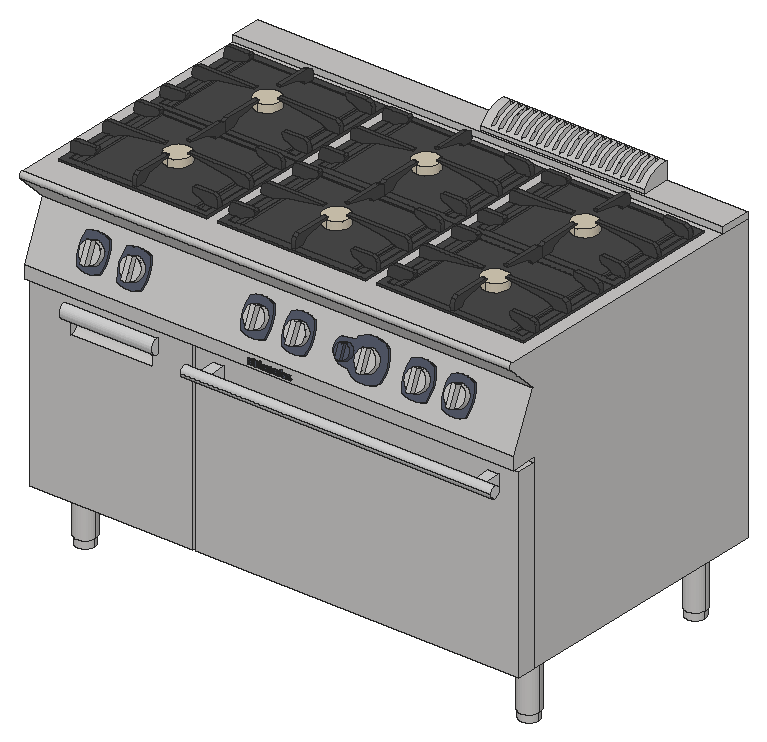
Revit family "QF_ELECTROLUXPROFESSIONAL_371005_E7GCGL6C10", category Specialty Equipment, Revit 2018
Family settings
  Round Connector Dimension = Use Diameter
  Part Type = Normal
  Work Plane-Based = No
  Always vertical = Yes
  Cut with Voids When Loaded = No
  Shared = No
  Room Calculation Point = No
Parameters
  Width = 1200 mm  # constant formula
  Weight in Pounds = 265  # constant formula
  Watts = 0 W
  URL Cutsheet = "www.electrolux.com"
  URL = "www.electrolux.com"
  Type Mark [instance] = ""
  Status [instance] = ""
  Specification by User [instance] = ""
  Specification by Manufacturer = ""
  Show Logo [instance] = yes
  Show Clearance [instance] = yes
  Serial Number = ""
  Seismic Rating = ""
  SMACNA No = ""
  Revision Code [instance] = ""
  Omniclass Number and Title = ""
  NAFEM Spec ID Number = ""
  Model = "371005"
  Mechanical Remarks [instance] = ""
  Mechanical Connection Type [instance] = ""
  Masterspec = ""
  Manufacturer = "ELECTROLUX"
  Item Number [instance] = ""
  Installed By [instance] = ""
  Identify Quantity as Lot [instance] = yes
  Height = 908.9 mm  # constant formula
  HP = "0 HP"
  Gas Size = 12.7 mm  # 1/2"
  Gas RI Height [instance] = 0 mm
  Gas KW [instance] = 39  # constant formula
  Gas Input [instance] = 0.0 Btu/h
  Gas Connection Height = 0 mm
  Furnished By [instance] = ""
  Foodservice Equipment Identifier [instance] = yes
  Direct Waste Size = 0"
  Description = "700XP 6-Burner Gas Range on Gas Oven Cupboard"
  Depth = 730 mm  # constant formula
  CSI MasterFormat = ""
  CSI Master Format = ""
  Assembly Code = ""
Reference planes
  plane 1 "BACK": y = 0
  plane 2: z = 0
  plane 3 "LEFT": x = 0
  plane 4 "RIGHT": x = 1200
  plane 5 "FRONT": y = -700
  plane 6 "TOP": z = 908.9
  plane 7 "Center Y": x = 600
  plane 8 "Center X": y = -350
  plane 9 "Base": z = 150
  plane 10: z = 850.9
  plane 11: y = -730
  plane 12: y = -1109
Forms (mm)
  Revolve 1, solid, material "QF_Finishes_Stainless Steel"
    sketch origin (1, -90, 0) x (1, 0, 0) y (0, 0, 1)
      loop
        line (55, 0) -> (55, 150) -> (29.6, 150) -> (29.6, 19.05) -> (32.1, 19.05) -> (32.1, 0) -> (55, 0)
      axis (55, 0) -> (55, 150)
    angle from 0 to 360
  Revolve 2, solid, material "QF_Finishes_Stainless Steel"
    sketch origin (1, -599.588, 0) x (1, 0, 0) y (0, 0, 1)
      loop
        line (55, 0) -> (55, 150) -> (29.6, 150) -> (29.6, 19.05) -> (32.1, 19.05) -> (32.1, 0) -> (55, 0)
      axis (55, 0) -> (55, 150)
    angle from 0 to 360
  Revolve 3, solid, material "QF_Finishes_Stainless Steel"
    sketch origin (799, -90, 0) x (-1, 0, 0) y (0, 0, -1)
      loop
        line (-345, 0) -> (-367.9, 0) -> (-367.9, -19.05) -> (-370.4, -19.05) -> (-370.4, -150) -> (-345, -150) -> (-345, 0)
      axis (-345, 0) -> (-345, -150)
    angle from 0 to 360
  Revolve 4, solid, material "QF_Finishes_Stainless Steel"
    sketch origin (799, -599.588, 0) x (-1, 0, 0) y (0, 0, -1)
      loop
        line (-345, 0) -> (-367.9, 0) -> (-367.9, -19.05) -> (-370.4, -19.05) -> (-370.4, -150) -> (-345, -150) -> (-345, 0)
      axis (-345, 0) -> (-345, -150)
    angle from 0 to 360
  Extrusion 5, solid, material "QF_Finishes_Stainless Steel"
    sketch origin (0, 0, 576.213) x (0, 1, 0) y (0, 0, 1)
      loop
        line (0, -426.213) -> (0, 274.687) -> (-721.37, 274.687)
        arc (-721.37, 274.687) -> (-729.343, 269.36) -> (-727.472, 259.956) r 8.63
        line (-727.472, 259.956) -> (-658.266, 190.62) -> (-715.833, 65.264) -> (-715.833, 33.966) -> (-655.839, 38.662)
        arc (-655.839, 38.662) -> (-653.314, 37.914) -> (-652.222, 35.518) r 3.175
        line (-652.222, 35.518) -> (-652.222, -426.213) -> (0, -426.213)
    from 0 to 1200
  Extrusion 6, solid, material "QF_Finishes_Stainless Steel"
    sketch origin (0, -652.222, 611.731) x (0, 0, -1) y (1, 0, 0)
      loop
        line (461.731, 408.5) -> (461.731, 1200) -> (9.61, 1200) -> (9.61, 408.5) -> (461.731, 408.5)
      loop
        line (461.731, 0) -> (461.731, 400.5) -> (9.61, 400.5) -> (9.61, 0) -> (461.731, 0)
      loop
        line (95.781, 100.253) -> (95.781, 300.8) -> (44.981, 300.8) -> (44.981, 100.253) -> (95.781, 100.253)
    from 3.175 to 47.778
  Extrusion 7, solid, material "QF_Finishes_Stainless Steel"
    sketch origin (0, 0, 576.213) x (0, 1, 0) y (0, 0, 1)
      loop
        line (0, 274.687) -> (0, 288.975) -> (-76.2, 288.975) -> (-76.2, 274.687) -> (0, 274.687)
    from 0 to 1200
  Extrusion 8, solid, material "QF_Finishes_Stainless Steel"
    sketch origin (0, 0, 150) x (-1, 0, 0) y (0, -1, 0)
      loop
        circle (-1147.613, 464) r 6.35
    from -8.815 to 7.722
  Extrusion 9, solid, material "QF_Finishes_Door Clearance", visible <- "Show Clearance", detail levels coarse
    sketch origin (0, 0, 0) x (0, 1, 0) y (0, 0, 1)
      loop
        line (-1109, 150) -> (-700, 150) -> (-700, 601.405)
        arc (-700, 601.405) -> (-991.543, 454.568) -> (-1109, 150) r 453.603
    from 0 to 1200
  Extrusion 10, solid, material "QF_Finishes_Clearance", visible <- "Show Clearance", detail levels coarse
    sketch origin (0, 0, 0) x (1, 0, 0) y (0, 1, 0)
      loop
        line (-150, -730) -> (0, -730) -> (0, 0) -> (1200, 0) -> (1200, -730) -> (1350, -730) -> (1350, 150) -> (-150, 150) -> (-150, -730)
    from 0 to 908.85
  Extrusion 11, solid, material "QF_Finishes_Handrails and Railings"
    sketch origin (400, 0, 0) x (0, 1, 0) y (0, 0, 1)
      loop
        line (-700, 580.001) -> (-738.549, 577.296)
        arc (-738.549, 577.296) -> (-739.742, 563.489) -> (-752.852, 558.993) r 12.7
        arc (-752.852, 558.993) -> (-752.311, 558.176) -> (-751.712, 557.401) r 13.441
        arc (-751.712, 557.401) -> (-749.907, 555.955) -> (-747.679, 555.335) r 5.77
        line (-747.679, 555.335) -> (-700, 551.992) -> (-700, 580.001)
    from 50.8 to 76.2
  Extrusion 12, solid, material "QF_Finishes_Handrails and Railings"
    sketch origin (1200, 0, 0) x (0, 1, 0) y (0, 0, -1)
      loop
        line (-700, -580.001) -> (-700, -551.992) -> (-747.679, -555.335)
        arc (-747.679, -555.335) -> (-749.907, -555.955) -> (-751.712, -557.401) r 5.77
        arc (-751.712, -557.401) -> (-752.311, -558.176) -> (-752.852, -558.993) r 13.441
        arc (-752.852, -558.993) -> (-739.742, -563.489) -> (-738.549, -577.296) r 12.7
        line (-738.549, -577.296) -> (-700, -580.001)
    from 50.8 to 76.2
  Extrusion 13, solid, material "QF_Finishes_Handrails and Railings"
    sketch origin (400, 0, 0) x (0, 1, 0) y (0, 0, 1)
      loop
        circle (-749.749, 571.309) r 12.7
    from 19.875 to 780.125
  Extrusion 14, solid, material "QF_Finishes_Handrails and Railings"
    sketch origin (177.525, -443.896, 1933.213) x (0, 0.885087, 0.465426) y (0, -0.465426, 0.885087)
      loop
        arc (-854.629, -1074.965) -> (-878.641, -1082.427) -> (-871.18, -1106.439) r 17.78
        line (-871.18, -1106.439) -> (-854.629, -1074.965)
    from -89.972 to 135.975
  Extrusion 15, solid, material "QF_Finishes_Stainless Steel"
    sketch origin (-22.5, 0, 28.959) x (0, 1, 0) y (0, 0, 1)
      loop
        line (-700, 486.991) -> (-657.087, 486.991) -> (-657.087, 537.791) -> (-678.147, 537.791) -> (-678.147, 511.464)
        arc (-678.147, 511.464) -> (-684.405, 495.059) -> (-700, 486.991) r 24.63
    from 122.753 to 323.3
  Extrusion 16, solid, material "QF_Finishes_Navy Blue"
    sketch origin (405.244, -713.772, 646.186) x (0, 0.418102, 0.9084) y (-1, 0, 0)
      loop
        arc (102.623, -510.47) -> (67.041, -502.846) -> (31.333, -509.853) r 90.5
        arc (31.333, -509.853) -> (24.507, -539.04) -> (31.333, -568.228) r 65.817
        arc (31.333, -568.228) -> (67.04, -575.188) -> (102.623, -567.615) r 91.066
        arc (102.623, -567.615) -> (109.179, -539.043) -> (102.623, -510.47) r 65.546
    from 0 to 3.175
  Extrusion 17, solid, material "QF_Finishes_Stainless Steel"
    sketch origin (783.994, -717.485, 645.711) x (0, 0.418102, 0.9084) y (-1, 0, 0)
      loop
        circle (68.826, -160.963) r 25.4
    from 0 to 12.7
  Extrusion 18, solid, material "QF_Finishes_Stainless Steel"
    sketch origin (783.994, -729.022, 651.021) x (0, 0.418102, 0.9084) y (-1, 0, 0)
      loop
        arc (93.558, -166.749) -> (94.226, -160.963) -> (93.558, -155.177) r 25.4
        line (93.558, -155.177) -> (44.094, -155.177)
        arc (44.094, -155.177) -> (43.426, -160.963) -> (44.094, -166.749) r 25.4
        line (44.094, -166.749) -> (93.558, -166.749)
    from 0 to 12.7
  Extrusion 19, solid, material "QF_Finishes_Navy Blue"
    sketch origin (282.787, -713.772, 646.186) x (0, 0.418102, 0.9084) y (-1, 0, 0)
      loop
        arc (104.355, -502.587) -> (101.326, -501.258) -> (98.25, -500.039) r 91.066
        arc (98.25, -500.039) -> (96.592, -482.449) -> (93.213, -465.107) r 179.528
        arc (93.213, -465.107) -> (69.244, -452.795) -> (45.274, -465.107) r 29.489
        arc (45.274, -465.107) -> (38.909, -481.441) -> (37.449, -498.912) r 61.044
        arc (37.449, -498.912) -> (34.471, -499.962) -> (31.532, -501.116) r 91.066
        arc (31.532, -501.116) -> (19.517, -540.223) -> (32.929, -578.873) r 65.817
        arc (32.929, -578.873) -> (68.105, -585.173) -> (102.996, -577.452) r 91.066
        arc (102.996, -577.452) -> (115.418, -540.233) -> (104.355, -502.587) r 65.546
    from 0 to 3.175
  Extrusion 20, solid, material "QF_Finishes_Stainless Steel"
    sketch origin (661.537, -717.485, 645.711) x (0, 0.418102, 0.9084) y (-1, 0, 0)
      loop
        circle (68.826, -160.963) r 25.4
    from 0 to 12.7
  Extrusion 21, solid, material "QF_Finishes_Stainless Steel"
    sketch origin (661.537, -729.022, 651.021) x (0, 0.418102, 0.9084) y (-1, 0, 0)
      loop
        arc (93.558, -166.749) -> (94.226, -160.963) -> (93.558, -155.177) r 25.4
        line (93.558, -155.177) -> (44.094, -155.177)
        arc (44.094, -155.177) -> (43.426, -160.963) -> (44.094, -166.749) r 25.4
        line (44.094, -166.749) -> (93.558, -166.749)
    from 0 to 12.7
  Extrusion 22, solid, material "QF_Finishes_Navy Blue"
    sketch origin (604.037, -717.485, 645.711) x (0, 0.418102, 0.9084) y (-1, 0, 0)
      loop
        circle (68.826, -160.963) r 18.37
    from 0 to 12.7
  Extrusion 23, solid, material "QF_Finishes_Navy Blue"
    sketch origin (602.746, -729.022, 651.021) x (0, 0.418102, 0.9084) y (-1, 0, 0)
      loop
        arc (84.808, -167.687) -> (85.476, -161.901) -> (84.808, -156.114) r 25.4
        line (84.808, -156.114) -> (52.844, -156.114)
        arc (52.844, -156.114) -> (52.176, -161.901) -> (52.844, -167.687) r 25.4
        line (52.844, -167.687) -> (84.808, -167.687)
    from 0 to 8.112
  Extrusion 24, solid, material "QF_Finishes_Navy Blue"
    sketch origin (-392.256, -713.772, 646.186) x (0, 0.418102, 0.9084) y (-1, 0, 0)
      loop
        arc (102.623, -510.47) -> (67.041, -502.846) -> (31.333, -509.853) r 90.5
        arc (31.333, -509.853) -> (24.507, -539.04) -> (31.333, -568.228) r 65.817
        arc (31.333, -568.228) -> (67.04, -575.188) -> (102.623, -567.615) r 91.066
        arc (102.623, -567.615) -> (109.179, -539.043) -> (102.623, -510.47) r 65.546
    from 0 to 3.175
  Extrusion 25, solid, material "QF_Finishes_Stainless Steel"
    sketch origin (-13.506, -717.485, 645.711) x (0, 0.418102, 0.9084) y (-1, 0, 0)
      loop
        circle (68.826, -160.963) r 25.4
    from 0 to 12.7
  Extrusion 26, solid, material "QF_Finishes_Stainless Steel"
    sketch origin (-13.506, -729.022, 651.021) x (0, 0.418102, 0.9084) y (-1, 0, 0)
      loop
        arc (93.558, -166.749) -> (94.226, -160.963) -> (93.558, -155.177) r 25.4
        line (93.558, -155.177) -> (44.094, -155.177)
        arc (44.094, -155.177) -> (43.426, -160.963) -> (44.094, -166.749) r 25.4
        line (44.094, -166.749) -> (93.558, -166.749)
    from 0 to 12.7
  Extrusion 27, solid, material "QF_Finishes_Navy Blue"
    sketch origin (-292.256, -713.772, 646.186) x (0, 0.418102, 0.9084) y (-1, 0, 0)
      loop
        arc (102.623, -510.47) -> (67.041, -502.846) -> (31.333, -509.853) r 90.5
        arc (31.333, -509.853) -> (24.507, -539.04) -> (31.333, -568.228) r 65.817
        arc (31.333, -568.228) -> (67.04, -575.188) -> (102.623, -567.615) r 91.066
        arc (102.623, -567.615) -> (109.179, -539.043) -> (102.623, -510.47) r 65.546
    from 0 to 3.175
  Extrusion 28, solid, material "QF_Finishes_Stainless Steel"
    sketch origin (86.494, -717.485, 645.711) x (0, 0.418102, 0.9084) y (-1, 0, 0)
      loop
        circle (68.826, -160.963) r 25.4
    from 0 to 12.7
  Extrusion 29, solid, material "QF_Finishes_Stainless Steel"
    sketch origin (86.494, -729.022, 651.021) x (0, 0.418102, 0.9084) y (-1, 0, 0)
      loop
        arc (93.558, -166.749) -> (94.226, -160.963) -> (93.558, -155.177) r 25.4
        line (93.558, -155.177) -> (44.094, -155.177)
        arc (44.094, -155.177) -> (43.426, -160.963) -> (44.094, -166.749) r 25.4
        line (44.094, -166.749) -> (93.558, -166.749)
    from 0 to 12.7
  Extrusion 30, void
    sketch origin (-62.611, 0, 865.138) x (-1, 0, 0) y (0, -1, 0)
      loop
        line (-695.005, 6.761) -> (-685.709, 6.761) -> (-685.709, 63.911) -> (-695.005, 63.911) -> (-695.005, 6.761)
      loop
        line (-713.697, 6.761) -> (-704.401, 6.761) -> (-704.401, 63.911) -> (-713.697, 63.911) -> (-713.697, 6.761)
      loop
        line (-732.39, 6.761) -> (-723.094, 6.761) -> (-723.094, 63.911) -> (-732.39, 63.911) -> (-732.39, 6.761)
      loop
        line (-751.082, 6.761) -> (-741.787, 6.761) -> (-741.787, 63.911) -> (-751.082, 63.911) -> (-751.082, 6.761)
      loop
        line (-769.775, 6.761) -> (-760.479, 6.761) -> (-760.479, 63.911) -> (-769.775, 63.911) -> (-769.775, 6.761)
      loop
        line (-788.468, 6.761) -> (-779.172, 6.761) -> (-779.172, 63.911) -> (-788.468, 63.911) -> (-788.468, 6.761)
      loop
        line (-807.16, 6.761) -> (-797.864, 6.761) -> (-797.864, 63.911) -> (-807.16, 63.911) -> (-807.16, 6.761)
      loop
        line (-825.853, 6.761) -> (-816.557, 6.761) -> (-816.557, 63.911) -> (-825.853, 63.911) -> (-825.853, 6.761)
      loop
        line (-844.545, 6.761) -> (-835.25, 6.761) -> (-835.25, 63.911) -> (-844.545, 63.911) -> (-844.545, 6.761)
      loop
        line (-863.238, 6.761) -> (-853.942, 6.761) -> (-853.942, 63.911) -> (-863.238, 63.911) -> (-863.238, 6.761)
      loop
        line (-881.931, 6.761) -> (-872.635, 6.761) -> (-872.635, 63.911) -> (-881.931, 63.911) -> (-881.931, 6.761)
      loop
        line (-900.623, 6.761) -> (-891.328, 6.761) -> (-891.328, 63.911) -> (-900.623, 63.911) -> (-900.623, 6.761)
      loop
        line (-919.316, 6.761) -> (-910.02, 6.761) -> (-910.02, 63.911) -> (-919.316, 63.911) -> (-919.316, 6.761)
      loop
        line (-938.008, 6.761) -> (-928.713, 6.761) -> (-928.713, 63.911) -> (-938.008, 63.911) -> (-938.008, 6.761)
      loop
        line (-956.701, 6.761) -> (-947.405, 6.761) -> (-947.405, 63.911) -> (-956.701, 63.911) -> (-956.701, 6.761)
      loop
        line (-975.394, 6.761) -> (-966.098, 6.761) -> (-966.098, 63.911) -> (-975.394, 63.911) -> (-975.394, 6.761)
      loop
        line (-994.086, 6.761) -> (-984.791, 6.761) -> (-984.791, 63.911) -> (-994.086, 63.911) -> (-994.086, 6.761)
      loop
        line (-1012.779, 6.761) -> (-1003.483, 6.761) -> (-1003.483, 63.911) -> (-1012.779, 63.911) -> (-1012.779, 6.761)
      loop
        line (-1031.472, 6.761) -> (-1022.176, 6.761) -> (-1022.176, 63.911) -> (-1031.472, 63.911) -> (-1031.472, 6.761)
      loop
        line (-1050.164, 6.761) -> (-1040.868, 6.761) -> (-1040.868, 63.911) -> (-1050.164, 63.911) -> (-1050.164, 6.761)
    from 9.525 to 45.348
  Extrusion 31, solid, material "QF_Finishes_Stainless Steel"
    sketch origin (202.4, 0, 590.5) x (0, 1, 0) y (0, 0, 1)
      loop
        line (0, 274.688) -> (0, 318.4)
        arc (0, 318.4) -> (-39.072, 309.779) -> (-69.85, 284.212) r 84.854
        line (-69.85, 284.212) -> (-69.85, 274.688) -> (0, 274.688)
    from 400 to 800
  Extrusion 32, solid, material "QF_Finishes_Navy Blue"
    sketch origin (502.744, -713.772, 646.186) x (0, 0.418102, 0.9084) y (-1, 0, 0)
      loop
        arc (102.623, -510.47) -> (67.041, -502.846) -> (31.333, -509.853) r 90.5
        arc (31.333, -509.853) -> (24.507, -539.04) -> (31.333, -568.228) r 65.817
        arc (31.333, -568.228) -> (67.04, -575.188) -> (102.623, -567.615) r 91.066
        arc (102.623, -567.615) -> (109.179, -539.043) -> (102.623, -510.47) r 65.546
    from 0 to 3.175
  Extrusion 33, solid, material "QF_Finishes_Stainless Steel"
    sketch origin (881.494, -717.485, 645.711) x (0, 0.418102, 0.9084) y (-1, 0, 0)
      loop
        circle (68.826, -160.963) r 25.4
    from 0 to 12.7
  Extrusion 34, solid, material "QF_Finishes_Stainless Steel"
    sketch origin (881.494, -729.022, 651.021) x (0, 0.418102, 0.9084) y (-1, 0, 0)
      loop
        arc (93.558, -166.749) -> (94.226, -160.963) -> (93.558, -155.177) r 25.4
        line (93.558, -155.177) -> (44.094, -155.177)
        arc (44.094, -155.177) -> (43.426, -160.963) -> (44.094, -166.749) r 25.4
        line (44.094, -166.749) -> (93.558, -166.749)
    from 0 to 12.7
  Extrusion 35, solid, material "QF_Finishes_Navy Blue"
    sketch origin (10.244, -713.772, 646.186) x (0, 0.418102, 0.9084) y (-1, 0, 0)
      loop
        arc (102.623, -510.47) -> (67.041, -502.846) -> (31.333, -509.853) r 90.5
        arc (31.333, -509.853) -> (24.507, -539.04) -> (31.333, -568.228) r 65.817
        arc (31.333, -568.228) -> (67.04, -575.188) -> (102.623, -567.615) r 91.066
        arc (102.623, -567.615) -> (109.179, -539.043) -> (102.623, -510.47) r 65.546
    from 0 to 3.175
  Extrusion 36, solid, material "QF_Finishes_Stainless Steel"
    sketch origin (388.994, -717.485, 645.711) x (0, 0.418102, 0.9084) y (-1, 0, 0)
      loop
        circle (68.826, -160.963) r 25.4
    from 0 to 12.7
  Extrusion 37, solid, material "QF_Finishes_Stainless Steel"
    sketch origin (388.994, -729.022, 651.021) x (0, 0.418102, 0.9084) y (-1, 0, 0)
      loop
        arc (93.558, -166.749) -> (94.226, -160.963) -> (93.558, -155.177) r 25.4
        line (93.558, -155.177) -> (44.094, -155.177)
        arc (44.094, -155.177) -> (43.426, -160.963) -> (44.094, -166.749) r 25.4
        line (44.094, -166.749) -> (93.558, -166.749)
    from 0 to 12.7
  Extrusion 38, solid, material "QF_Finishes_Navy Blue"
    sketch origin (110.244, -713.772, 646.186) x (0, 0.418102, 0.9084) y (-1, 0, 0)
      loop
        arc (102.623, -510.47) -> (67.041, -502.846) -> (31.333, -509.853) r 90.5
        arc (31.333, -509.853) -> (24.507, -539.04) -> (31.333, -568.228) r 65.817
        arc (31.333, -568.228) -> (67.04, -575.188) -> (102.623, -567.615) r 91.066
        arc (102.623, -567.615) -> (109.179, -539.043) -> (102.623, -510.47) r 65.546
    from 0 to 3.175
  Extrusion 39, solid, material "QF_Finishes_Stainless Steel"
    sketch origin (488.994, -717.485, 645.711) x (0, 0.418102, 0.9084) y (-1, 0, 0)
      loop
        circle (68.826, -160.963) r 25.4
    from 0 to 12.7
  Extrusion 40, solid, material "QF_Finishes_Stainless Steel"
    sketch origin (488.994, -729.022, 651.021) x (0, 0.418102, 0.9084) y (-1, 0, 0)
      loop
        arc (93.558, -166.749) -> (94.226, -160.963) -> (93.558, -155.177) r 25.4
        line (93.558, -155.177) -> (44.094, -155.177)
        arc (44.094, -155.177) -> (43.426, -160.963) -> (44.094, -166.749) r 25.4
        line (44.094, -166.749) -> (93.558, -166.749)
    from 0 to 12.7
  Extrusion 41, solid, material "QF_Finishes_Navy Blue", visible <- "Show Logo"
    sketch origin (261.109, -715.962, 610.773) x (0, 0, 1) y (-1, 0, 0)
      loop
        line (20.674, -296.698) -> (8.307, -296.698)
        arc (8.307, -296.698) -> (14.491, -301.27) -> (20.674, -296.698) r 6.467
      loop
        arc (20.674, -296.069) -> (19.505, -290.926) -> (14.849, -288.448) r 6.338
        line (14.849, -288.448) -> (14.849, -290.494)
        arc (14.849, -290.494) -> (16.333, -294.149) -> (19.778, -296.069) r 5.941
        line (19.778, -296.069) -> (20.674, -296.069)
      loop
        arc (9.203, -296.069) -> (12.648, -294.149) -> (14.132, -290.494) r 5.941
        line (14.132, -290.494) -> (14.132, -288.448)
        arc (14.132, -288.448) -> (9.438, -290.922) -> (8.148, -296.069) r 6.504
        line (8.148, -296.069) -> (9.203, -296.069)
      loop
        line (21.349, -287.979) -> (7.604, -287.979) -> (7.604, -301.742) -> (21.349, -301.742) -> (21.349, -287.979)
      loop
        arc (21.432, -304.71) -> (21.085, -304.352) -> (20.718, -304.69) r 0.358
        arc (20.718, -304.69) -> (20.404, -305.44) -> (19.687, -305.825) r 1.216
        line (19.687, -305.825) -> (9.274, -305.825)
        arc (9.274, -305.825) -> (8.614, -305.548) -> (8.218, -304.951) r 1.238
        arc (8.218, -304.951) -> (7.823, -304.7) -> (7.518, -305.054) r 0.358
        line (7.518, -305.054) -> (7.518, -314.933) -> (10.269, -314.933) -> (10.269, -314.036)
        arc (10.269, -314.036) -> (9.36, -313.456) -> (8.904, -312.479) r 1.928
        line (8.904, -312.479) -> (8.904, -309.98)
        arc (8.904, -309.98) -> (9.18, -309.251) -> (9.868, -308.887) r 1.101
        line (9.868, -308.887) -> (13.955, -308.887) -> (13.955, -312.561)
        arc (13.955, -312.561) -> (13.602, -313.058) -> (13.037, -313.286) r 1.083
        arc (13.037, -313.286) -> (12.773, -313.591) -> (13.065, -313.869) r 0.292
        line (13.065, -313.869) -> (16.028, -313.869)
        arc (16.028, -313.869) -> (16.33, -313.596) -> (16.092, -313.266) r 0.305
        arc (16.092, -313.266) -> (15.601, -313.018) -> (15.296, -312.561) r 1.083
        line (15.296, -312.561) -> (15.296, -308.887) -> (19.973, -308.887) -> (19.973, -312.635)
        arc (19.973, -312.635) -> (19.759, -313.39) -> (19.153, -313.888) r 1.314
        arc (19.153, -313.888) -> (18.934, -314.292) -> (19.288, -314.585) r 0.361
        line (19.288, -314.585) -> (21.432, -314.585) -> (21.432, -304.71)
      loop
        arc (20.715, -315.365) -> (20.335, -316.284) -> (19.416, -316.664) r 1.299
        line (19.416, -316.664) -> (9.837, -316.664)
        arc (9.837, -316.664) -> (8.999, -316.286) -> (8.728, -315.408) r 1.118
        line (8.728, -315.408) -> (7.518, -315.408) -> (7.518, -320.758) -> (8.706, -320.758)
        arc (8.706, -320.758) -> (8.978, -319.841) -> (9.848, -319.445) r 1.153
        line (9.848, -319.445) -> (21.92, -319.445) -> (20.715, -315.365)
      loop
        line (12.483, -323.394) -> (12.483, -329.842) -> (13.282, -329.842)
        arc (13.282, -329.842) -> (15.862, -328.857) -> (17.131, -326.404) r 3.874
        line (17.131, -326.404) -> (17.131, -324.643)
        arc (17.131, -324.643) -> (15.944, -321.778) -> (13.08, -320.592) r 4.051
        line (13.08, -320.592) -> (11.072, -320.592)
        arc (11.072, -320.592) -> (8.253, -322.077) -> (7.202, -325.084) r 4.352
        arc (7.202, -325.084) -> (7.566, -327.547) -> (8.943, -329.621) r 5.713
        line (8.943, -329.621) -> (9.892, -329.621)
        arc (9.892, -329.621) -> (9.16, -328.052) -> (8.943, -326.334) r 5.579
        arc (8.943, -326.334) -> (9.737, -324.371) -> (11.616, -323.394) r 3.057
        line (11.616, -323.394) -> (12.483, -323.394)
      loop
        line (13.742, -323.394) -> (13.742, -326.977)
        arc (13.742, -326.977) -> (15.199, -327.024) -> (16.082, -325.864) r 1.59
        line (16.082, -325.864) -> (16.082, -325.034)
        arc (16.082, -325.034) -> (15.217, -323.779) -> (13.742, -323.394) r 2.184
      loop
        arc (16.533, -339.259) -> (17.022, -337.585) -> (17.179, -335.848) r 9.023
        line (17.179, -335.848) -> (17.179, -334.486)
        arc (17.179, -334.486) -> (16.02, -331.686) -> (13.22, -330.527) r 3.959
        line (13.22, -330.527) -> (10.62, -330.527)
        arc (10.62, -330.527) -> (8.338, -331.819) -> (7.221, -334.192) r 4.331
        line (7.221, -334.192) -> (7.221, -336.327)
        arc (7.221, -336.327) -> (7.729, -337.877) -> (8.651, -339.223) r 5.772
        arc (8.651, -339.223) -> (9.412, -339.274) -> (9.499, -338.515) r 0.553
        arc (9.499, -338.515) -> (9.111, -337.781) -> (8.977, -336.962) r 2.573
        line (8.977, -336.962) -> (8.977, -335.447)
        arc (8.977, -335.447) -> (9.983, -333.806) -> (11.798, -333.163) r 2.884
        line (11.798, -333.163) -> (13.077, -333.163)
        arc (13.077, -333.163) -> (14.898, -333.723) -> (15.824, -335.388) r 2.554
        line (15.824, -335.388) -> (15.824, -336.441)
        arc (15.824, -336.441) -> (15.493, -337.369) -> (14.836, -338.104) r 2.564
        arc (14.836, -338.104) -> (14.614, -338.821) -> (15.223, -339.259) r 0.643
        line (15.223, -339.259) -> (16.533, -339.259)
      loop
        line (15.515, -339.53) -> (15.515, -341.031) -> (9.467, -341.031)
        arc (9.467, -341.031) -> (7.879, -341.688) -> (7.221, -343.276) r 2.246
        line (7.221, -343.276) -> (7.221, -344.86)
        arc (7.221, -344.86) -> (7.535, -345.725) -> (8.035, -346.496) r 4.06
        arc (8.035, -346.496) -> (8.768, -346.629) -> (9.019, -345.928) r 0.576
        arc (9.019, -345.928) -> (8.913, -345.403) -> (8.977, -344.87) r 1.69
        arc (8.977, -344.87) -> (9.519, -344.082) -> (10.425, -343.779) r 1.506
        line (10.425, -343.779) -> (15.563, -343.779) -> (15.563, -346.176) -> (16.119, -346.733) -> (16.941, -346.733) -> (16.941, -343.873) -> (20.172, -343.873) -> (15.515, -339.53)
      loop
        line (7.438, -347.63) -> (7.438, -353.017) -> (8.548, -353.017)
        arc (8.548, -353.017) -> (8.942, -352.066) -> (9.893, -351.672) r 1.345
        line (9.893, -351.672) -> (13.509, -351.672)
        arc (13.509, -351.672) -> (14.274, -352.264) -> (14.564, -353.186) r 1.615
        line (14.564, -353.186) -> (14.564, -354.742) -> (17.119, -355.427) -> (17.119, -354.044) -> (15.177, -351.485) -> (17.057, -351.485) -> (16.773, -348.779)
        arc (16.773, -348.779) -> (16.333, -348.249) -> (15.674, -348.45) r 0.621
        arc (15.674, -348.45) -> (15.274, -348.792) -> (14.78, -348.975) r 1.501
        line (14.78, -348.975) -> (9.893, -348.975)
        arc (9.893, -348.975) -> (8.942, -348.581) -> (8.548, -347.63) r 1.345
        line (8.548, -347.63) -> (7.438, -347.63)
      loop
        line (13.54, -354.964) -> (10.848, -354.964)
        arc (10.848, -354.964) -> (8.403, -356.272) -> (7.269, -358.803) r 4.288
        arc (7.269, -358.803) -> (7.205, -360.183) -> (7.269, -361.563) r 15.022
        arc (7.269, -361.563) -> (8.403, -364.094) -> (10.848, -365.401) r 4.288
        line (10.848, -365.401) -> (13.54, -365.401)
        arc (13.54, -365.401) -> (15.986, -364.094) -> (17.119, -361.563) r 4.288
        arc (17.119, -361.563) -> (17.183, -360.183) -> (17.119, -358.803) r 15.022
        arc (17.119, -358.803) -> (15.986, -356.272) -> (13.54, -354.964) r 4.288
      loop
        line (13.745, -358.078) -> (10.643, -358.078)
        arc (10.643, -358.078) -> (8.486, -360.235) -> (10.643, -362.392) r 2.157
        line (10.643, -362.392) -> (13.745, -362.392)
        arc (13.745, -362.392) -> (15.902, -360.235) -> (13.745, -358.078) r 2.157
      loop
        arc (20.726, -365.26) -> (20.355, -366.154) -> (19.461, -366.524) r 1.264
        line (19.461, -366.524) -> (9.597, -366.524)
        arc (9.597, -366.524) -> (8.727, -366.127) -> (8.455, -365.211) r 1.153
        line (8.455, -365.211) -> (7.518, -365.211) -> (7.518, -370.319) -> (8.446, -370.319)
        arc (8.446, -370.319) -> (8.805, -369.547) -> (9.597, -369.232) r 1.153
        line (9.597, -369.232) -> (21.92, -369.232) -> (20.726, -365.26)
      loop
        arc (15.846, -369.857) -> (15.647, -370.921) -> (14.678, -371.403) r 1.215
        line (14.678, -371.403) -> (9.658, -371.403)
        arc (9.658, -371.403) -> (8.043, -372.051) -> (7.322, -373.634) r 2.338
        line (7.322, -373.634) -> (7.322, -375.148)
        arc (7.322, -375.148) -> (7.497, -376.152) -> (7.999, -377.038) r 2.979
        line (7.999, -377.038) -> (7.518, -378.835) -> (7.518, -380.524) -> (16.943, -380.524) -> (16.649, -376.32) -> (15.863, -376.32)
        arc (15.863, -376.32) -> (15.507, -377.156) -> (14.755, -377.665) r 1.605
        line (14.755, -377.665) -> (9.652, -377.665)
        arc (9.652, -377.665) -> (9.232, -376.728) -> (9.159, -375.704) r 2.94
        arc (9.159, -375.704) -> (9.72, -374.603) -> (10.873, -374.16) r 1.724
        line (10.873, -374.16) -> (17.07, -374.16) -> (15.846, -369.857)
      loop
        line (16.874, -381.377) -> (15.202, -383.423) -> (12.028, -385.729) -> (8.572, -382.617)
        arc (8.572, -382.617) -> (8.335, -382.223) -> (8.357, -381.764) r 0.789
        line (8.357, -381.764) -> (7.518, -381.764) -> (7.518, -385.309) -> (8.344, -385.309)
        arc (8.344, -385.309) -> (8.686, -384.947) -> (9.176, -385.039) r 0.52
        line (9.176, -385.039) -> (10.976, -386.51) -> (8.858, -387.886)
        arc (8.858, -387.886) -> (8.457, -387.576) -> (8.37, -387.076) r 0.7
        line (8.37, -387.076) -> (7.518, -387.076) -> (7.518, -393.003) -> (8.405, -393.003)
        arc (8.405, -393.003) -> (8.472, -392.344) -> (8.866, -391.813) r 1.247
        line (8.866, -391.813) -> (13.066, -388.532) -> (15.513, -390.585) -> (16.874, -392.327) -> (16.874, -388.604) -> (15.389, -389.026) -> (13.868, -387.749) -> (15.568, -386.559) -> (16.874, -387.336) -> (16.874, -381.377)
    from 0 to 1.644
Cuts and joins
  Extrusion 30 cuts Extrusion 7
  joined: Extrusion 6, Extrusion 15
  Extrusion 30 cuts Extrusion 10
  Extrusion 30 cuts Extrusion 31
Lines and regions (mm)
  symbolic lines, style "QF-Door Swings"
    curve 1: line (0, -730, 150) -> (0, -1109, 150)
    curve 2: line (0, -1109, 150) -> (1200, -1109, 150)
    curve 3: line (1200, -1109, 150) -> (1200, -730, 150)
  symbolic lines
    curve 4: line (1200, -730, 150) -> (0, -730, 150)
    curve 5: line (0, 0, 150) -> (0, -730, 150)
    curve 6: line (0, -69.85, 150) -> (1200, -69.85, 150)
    curve 7: line (0, -76.2, 150) -> (1200, -76.2, 150)
    curve 8: line (1200, -730, 150) -> (1200, 0, 150)
    curve 9: line (0, 0, 150) -> (1200, 0, 150)
    curve 13: line (1180.125, -762.449, 150) -> (419.875, -762.449, 150)
    curve 14: line (1180.125, -737.049, 150) -> (1180.125, -762.449, 150)
    curve 15: line (1149.2, -738.549, 150) -> (1149.2, -730, 150)
    curve 16: line (1123.8, -738.549, 150) -> (1123.8, -730, 150)
    curve 17: line (1123.8, -738.549, 150) -> (1149.2, -738.549, 150)
    curve 18: line (419.875, -737.049, 150) -> (450.8, -737.049, 150)
    curve 19: line (1149.2, -737.049, 150) -> (1180.125, -737.049, 150)
    curve 20: line (632.394, -6.761, 150) -> (632.394, -63.911, 150)
    curve 21: line (632.394, -63.911, 150) -> (623.098, -63.911, 150)
    curve 22: line (623.098, -63.911, 150) -> (623.098, -6.761, 150)
    curve 23: line (623.098, -6.761, 150) -> (632.394, -6.761, 150)
    curve 24: line (838.012, -6.761, 150) -> (838.012, -63.911, 150)
    curve 25: line (838.012, -63.911, 150) -> (828.717, -63.911, 150)
    curve 26: line (828.717, -63.911, 150) -> (828.717, -6.761, 150)
    curve 27: line (828.717, -6.761, 150) -> (838.012, -6.761, 150)
    curve 28: line (819.32, -6.761, 150) -> (819.32, -63.911, 150)
    curve 29: line (819.32, -63.911, 150) -> (810.024, -63.911, 150)
    curve 30: line (810.024, -63.911, 150) -> (810.024, -6.761, 150)
    curve 31: line (810.024, -6.761, 150) -> (819.32, -6.761, 150)
    curve 32: line (800.627, -6.761, 150) -> (800.627, -63.911, 150)
    curve 33: line (800.627, -63.911, 150) -> (791.331, -63.911, 150)
    curve 34: line (791.331, -63.911, 150) -> (791.331, -6.761, 150)
    curve 35: line (791.331, -6.761, 150) -> (800.627, -6.761, 150)
    curve 36: line (781.934, -6.761, 150) -> (781.934, -63.911, 150)
    curve 37: line (781.934, -63.911, 150) -> (772.639, -63.911, 150)
    curve 38: line (772.639, -63.911, 150) -> (772.639, -6.761, 150)
    curve 39: line (772.639, -6.761, 150) -> (781.934, -6.761, 150)
    curve 40: line (763.242, -6.761, 150) -> (763.242, -63.911, 150)
    curve 41: line (763.242, -63.911, 150) -> (753.946, -63.911, 150)
    curve 42: line (753.946, -63.911, 150) -> (753.946, -6.761, 150)
    curve 43: line (753.946, -6.761, 150) -> (763.242, -6.761, 150)
    curve 44: line (744.549, -6.761, 150) -> (744.549, -63.911, 150)
    curve 45: line (744.549, -63.911, 150) -> (735.253, -63.911, 150)
    curve 46: line (735.253, -63.911, 150) -> (735.253, -6.761, 150)
    curve 47: line (735.253, -6.761, 150) -> (744.549, -6.761, 150)
    curve 48: line (725.857, -6.761, 150) -> (725.857, -63.911, 150)
    curve 49: line (725.857, -63.911, 150) -> (716.561, -63.911, 150)
    curve 50: line (716.561, -63.911, 150) -> (716.561, -6.761, 150)
    curve 51: line (716.561, -6.761, 150) -> (725.857, -6.761, 150)
    curve 52: line (707.164, -6.761, 150) -> (707.164, -63.911, 150)
    curve 53: line (707.164, -63.911, 150) -> (697.868, -63.911, 150)
    curve 54: line (697.868, -63.911, 150) -> (697.868, -6.761, 150)
    curve 55: line (697.868, -6.761, 150) -> (707.164, -6.761, 150)
    curve 56: line (688.471, -6.761, 150) -> (688.471, -63.911, 150)
    curve 57: line (688.471, -63.911, 150) -> (679.176, -63.911, 150)
    curve 58: line (679.176, -63.911, 150) -> (679.176, -6.761, 150)
    curve 59: line (679.176, -6.761, 150) -> (688.471, -6.761, 150)
    curve 60: line (669.779, -6.761, 150) -> (669.779, -63.911, 150)
    curve 61: line (669.779, -63.911, 150) -> (660.483, -63.911, 150)
    curve 62: line (660.483, -63.911, 150) -> (660.483, -6.761, 150)
    curve 63: line (660.483, -6.761, 150) -> (669.779, -6.761, 150)
    curve 64: line (651.086, -6.761, 150) -> (651.086, -63.911, 150)
    curve 65: line (651.086, -63.911, 150) -> (641.79, -63.911, 150)
    curve 66: line (641.79, -63.911, 150) -> (641.79, -6.761, 150)
    curve 67: line (641.79, -6.761, 150) -> (651.086, -6.761, 150)
    curve 68: line (987.553, -6.761, 150) -> (987.553, -63.911, 150)
    curve 69: line (987.553, -63.911, 150) -> (978.257, -63.911, 150)
    curve 70: line (978.257, -63.911, 150) -> (978.257, -6.761, 150)
    curve 71: line (978.257, -6.761, 150) -> (987.553, -6.761, 150)
    curve 72: line (968.861, -6.761, 150) -> (968.861, -63.911, 150)
    curve 73: line (968.861, -63.911, 150) -> (959.565, -63.911, 150)
    curve 74: line (959.565, -63.911, 150) -> (959.565, -6.761, 150)
    curve 75: line (959.565, -6.761, 150) -> (968.861, -6.761, 150)
    curve 76: line (950.168, -6.761, 150) -> (950.168, -63.911, 150)
    curve 77: line (950.168, -63.911, 150) -> (940.872, -63.911, 150)
    curve 78: line (940.872, -63.911, 150) -> (940.872, -6.761, 150)
    curve 79: line (940.872, -6.761, 150) -> (950.168, -6.761, 150)
    curve 80: line (931.475, -6.761, 150) -> (931.475, -63.911, 150)
    curve 81: line (931.475, -63.911, 150) -> (922.18, -63.911, 150)
    curve 82: line (922.18, -63.911, 150) -> (922.18, -6.761, 150)
    curve 83: line (922.18, -6.761, 150) -> (931.475, -6.761, 150)
    curve 84: line (912.783, -6.761, 150) -> (912.783, -63.911, 150)
    curve 85: line (912.783, -63.911, 150) -> (903.487, -63.911, 150)
    curve 86: line (903.487, -63.911, 150) -> (903.487, -6.761, 150)
    curve 87: line (903.487, -6.761, 150) -> (912.783, -6.761, 150)
    curve 88: line (894.09, -6.761, 150) -> (894.09, -63.911, 150)
    curve 89: line (894.09, -63.911, 150) -> (884.794, -63.911, 150)
    curve 90: line (884.794, -63.911, 150) -> (884.794, -6.761, 150)
    curve 91: line (884.794, -6.761, 150) -> (894.09, -6.761, 150)
    curve 92: line (875.397, -6.761, 150) -> (875.397, -63.911, 150)
    curve 93: line (875.397, -63.911, 150) -> (866.102, -63.911, 150)
    curve 94: line (866.102, -63.911, 150) -> (866.102, -6.761, 150)
    curve 95: line (866.102, -6.761, 150) -> (875.397, -6.761, 150)
    curve 96: line (856.705, -6.761, 150) -> (856.705, -63.911, 150)
    curve 97: line (856.705, -63.911, 150) -> (847.409, -63.911, 150)
    curve 98: line (847.409, -63.911, 150) -> (847.409, -6.761, 150)
    curve 99: line (847.409, -6.761, 150) -> (856.705, -6.761, 150)
    curve 100: line (1002.4, -69.85, 150) -> (1002.4, 0, 150)
    curve 101: line (602.4, -69.85, 150) -> (602.4, 0, 150)
    curve 102: line (450.8, -738.549, 150) -> (450.8, -730, 150)
    curve 103: line (476.2, -730, 150) -> (476.2, -738.549, 150)
    curve 104: line (419.875, -737.049, 150) -> (450.8, -737.049, 150)
    curve 105: line (419.875, -762.449, 150) -> (419.875, -737.049, 150)
    curve 106: line (450.8, -738.549, 150) -> (476.2, -738.549, 150)
    curve 107: line (476.2, -737.049, 150) -> (1123.8, -737.049, 150)
  symbolic lines, style "QF-Clearances", visible <- "Show Clearance", detail levels coarse
    curve 10: line (-150, -730, 150) -> (-150, 150, 150)
    curve 11: line (-150, 150, 150) -> (1350, 150, 150)
    curve 12: line (1350, 150, 150) -> (1350, -730, 150)
Dimensions and locks
  equal spacing: plane 3 "LEFT", plane 7 "Center Y", plane 4 "RIGHT"
  "Width": plane 3 "LEFT" to plane 4 "RIGHT"
  equal spacing: plane 5 "FRONT", plane 8 "Center X", plane 1 "BACK"
  "Depth": plane 11 to plane 1 "BACK"
  "Height": plane 6 "TOP" to level
  plane 9 "Base" to level = 150 mm
  plane 6 "TOP" to plane 10 = 58 mm  (x2)
  plane 1 "BACK" to plane 11 = 730 mm
  plane 1 "BACK" to plane 12 = 1109 mm
  aligned and locked: level to plane 2
Automatic sketch dimensions
  Revolve 1 sketch curve to plane 9 "Base" = 0 mm  (x2)
  Revolve 1 sketch curve to level = 0 mm
  plane 3 "LEFT" to Revolve 1 sketch curve = 30.6 mm
  Revolve 1 sketch curve to Revolve 1 sketch curve = 2.5 mm
  Revolve 1 sketch curve to Revolve 1 sketch curve = 25.4 mm
  Revolve 1 sketch curve to Revolve 1 sketch curve = 0 mm
  level to Revolve 1 sketch curve = 19.05 mm
  plane 9 "Base" to Revolve 1 sketch curve = 20 mm
  Revolve 2 sketch curve to plane 9 "Base" = 0 mm  (x2)
  Revolve 2 sketch curve to level = 0 mm
  plane 3 "LEFT" to Revolve 2 sketch curve = 30.6 mm
  Revolve 2 sketch curve to Revolve 2 sketch curve = 2.5 mm
  Revolve 2 sketch curve to Revolve 2 sketch curve = 25.4 mm
  Revolve 2 sketch curve to Revolve 2 sketch curve = 0 mm
  level to Revolve 2 sketch curve = 19.05 mm
  plane 9 "Base" to Revolve 2 sketch curve = 20 mm
  Revolve 3 sketch curve to plane 9 "Base" = 0 mm  (x2)
  Revolve 3 sketch curve to level = 0 mm
  Revolve 3 sketch curve to plane 4 "RIGHT" = 30.6 mm
  Revolve 3 sketch curve to Revolve 3 sketch curve = 2.5 mm
  Revolve 3 sketch curve to Revolve 3 sketch curve = 25.4 mm
  Revolve 3 sketch curve to Revolve 3 sketch curve = 0 mm
  plane 9 "Base" to Revolve 3 sketch curve = 20 mm
  level to Revolve 3 sketch curve = 19.05 mm
  Revolve 4 sketch curve to plane 9 "Base" = 0 mm  (x2)
  Revolve 4 sketch curve to level = 0 mm
  Revolve 4 sketch curve to plane 4 "RIGHT" = 30.6 mm
  Revolve 4 sketch curve to Revolve 4 sketch curve = 2.5 mm
  Revolve 4 sketch curve to Revolve 4 sketch curve = 25.4 mm
  Revolve 4 sketch curve to Revolve 4 sketch curve = 0 mm
  plane 9 "Base" to Revolve 4 sketch curve = 20 mm
  level to Revolve 4 sketch curve = 19.05 mm
  Extrusion 5 sketch curve to plane 10 = 0 mm
  Extrusion 5 sketch curve to plane 9 "Base" = 0 mm
  Extrusion 5 sketch curve to plane 1 "BACK" = 0 mm
  Extrusion 5 sketch curve to plane 5 "FRONT" = 47.778 mm
  Extrusion 5 sketch curve to Extrusion 5 sketch curve = 3.175 mm
  Extrusion 5 sketch curve to Extrusion 5 sketch curve = 0.442 mm
  Extrusion 5 sketch curve to plane 5 "FRONT" = 41.734 mm
  Extrusion 5 sketch curve to plane 11 = 14.167 mm
  Extrusion 5 sketch curve to plane 11 = 8.63 mm
  Extrusion 5 sketch curve to plane 11 = 2.528 mm
  Extrusion 5 sketch curve to plane 10 = 240.721 mm
  Extrusion 5 sketch curve to Extrusion 5 sketch curve = 1.552 mm
  Extrusion 5 sketch curve to Extrusion 5 sketch curve = 31.298 mm
  Extrusion 5 sketch curve to plane 10 = 84.067 mm
  Extrusion 5 sketch curve to plane 10 = 14.732 mm
  Extrusion 6 sketch curve to Extrusion 5 = 0 mm  (x3)
  Extrusion 5 to Extrusion 6 sketch curve = 0 mm
  Extrusion 5 to Extrusion 6 sketch curve = 95.781 mm
  Extrusion 5 to Extrusion 6 sketch curve = 44.981 mm
  Extrusion 5 to Extrusion 6 sketch curve = 9.61 mm  (x2)
  Extrusion 5 to Extrusion 6 sketch curve = 100.253 mm
  Extrusion 6 sketch curve to Extrusion 6 sketch curve = 200.547 mm
  Extrusion 6 sketch curve to Extrusion 6 sketch curve = 99.7 mm
  Extrusion 6 sketch curve to Extrusion 6 sketch curve = 8 mm
  Extrusion 7 sketch curve to plane 10 = 0 mm
  Extrusion 7 sketch curve to plane 1 "BACK" = 0 mm
  plane 10 to Extrusion 7 sketch curve = 14.288 mm
  Extrusion 7 sketch curve to Extrusion 7 sketch curve = 76.2 mm
  Extrusion 8 sketch curve to plane 4 "RIGHT" = 52.387 mm
  Extrusion 8 sketch curve to plane 8 "Center X" = 114 mm
  Extrusion 9 sketch curve to plane 9 "Base" = 0 mm
  Extrusion 9 sketch curve to plane 12 = 0 mm
  Extrusion 9 sketch curve to plane 5 "FRONT" = 0 mm
  Extrusion 9 sketch curve to Extrusion 9 sketch curve = 44.603 mm
  plane 11 to curve 12 = 0 mm
  curve 3 to plane 4 "RIGHT" = 0 mm
  curve 4 to plane 4 "RIGHT" = 0 mm
  plane 11 to curve 15 = 0 mm
  plane 1 "BACK" to curve 100 = 0 mm
  curve 2 to plane 3 "LEFT" = 0 mm
  curve 4 to plane 3 "LEFT" = 0 mm
  plane 11 to curve 10 = 0 mm
  plane 12 to curve 2 = 0 mm
  curve 12 to curve 4 = 150 mm
  curve 14 to plane 4 "RIGHT" = 19.875 mm
  curve 14 to curve 15 = 30.925 mm
  plane 11 to curve 107 = 7.049 mm
  curve 19 to curve 107 = 25.4 mm
  plane 1 "BACK" to curve 100 = 69.85 mm
  curve 100 to plane 4 "RIGHT" = 197.6 mm
  curve 100 to curve 68 = 14.847 mm
  curve 68 to curve 69 = 9.296 mm
  curve 70 to curve 75 = 9.397 mm
  curve 72 to curve 73 = 9.296 mm
  curve 73 to curve 77 = 9.397 mm
  curve 76 to curve 79 = 9.296 mm
  curve 77 to curve 80 = 9.397 mm
  curve 80 to curve 83 = 9.296 mm
  curve 81 to curve 85 = 9.397 mm
  curve 84 to curve 87 = 9.296 mm
  curve 85 to curve 89 = 9.397 mm
  curve 88 to curve 90 = 9.296 mm
  curve 90 to curve 92 = 9.397 mm
  curve 92 to curve 94 = 9.296 mm
  curve 93 to curve 96 = 9.397 mm
  curve 96 to curve 97 = 9.296 mm
  curve 97 to curve 24 = 9.397 mm
  curve 24 to curve 27 = 9.296 mm
  curve 25 to curve 29 = 9.397 mm
  curve 28 to curve 31 = 9.296 mm
  curve 29 to curve 33 = 9.397 mm
  curve 32 to curve 34 = 9.296 mm
  curve 33 to curve 36 = 9.397 mm
  curve 36 to curve 37 = 9.296 mm
  curve 38 to curve 40 = 9.397 mm
  curve 40 to curve 42 = 9.296 mm
  curve 42 to curve 44 = 9.397 mm
  curve 44 to curve 47 = 9.296 mm
  curve 45 to curve 48 = 9.397 mm
  curve 48 to curve 50 = 9.296 mm
  curve 49 to curve 53 = 9.397 mm
  curve 52 to curve 54 = 9.296 mm
  curve 53 to curve 56 = 9.397 mm
  curve 56 to curve 58 = 9.296 mm
  curve 58 to curve 63 = 9.397 mm
  curve 60 to curve 62 = 9.296 mm
  curve 61 to curve 64 = 9.397 mm
  curve 64 to curve 66 = 9.296 mm
  curve 66 to curve 23 = 9.397 mm
  curve 20 to curve 22 = 9.296 mm
  plane 7 "Center Y" to curve 101 = 2.4 mm
  plane 11 to curve 103 = 8.549 mm
  curve 103 to plane 7 "Center Y" = 123.8 mm
  plane 11 to curve 104 = 7.049 mm
  curve 107 to curve 104 = 25.4 mm
  curve 102 to curve 13 = 30.925 mm
  curve 11 to plane 3 "LEFT" = 150 mm
  curve 12 to plane 1 "BACK" = 150 mm
  plane 1 "BACK" to curve 86 = 6.761 mm
  plane 1 "BACK" to curve 83 = 6.761 mm
  plane 1 "BACK" to curve 88 = 6.761 mm
  plane 1 "BACK" to curve 92 = 6.761 mm
  plane 1 "BACK" to curve 79 = 6.761 mm
  plane 1 "BACK" to curve 54 = 6.761 mm
  plane 1 "BACK" to curve 99 = 6.761 mm
  plane 1 "BACK" to curve 75 = 6.761 mm
  plane 1 "BACK" to curve 20 = 6.761 mm
  plane 1 "BACK" to curve 71 = 6.761 mm
  plane 1 "BACK" to curve 24 = 6.761 mm
  plane 1 "BACK" to curve 67 = 6.761 mm
  plane 1 "BACK" to curve 28 = 6.761 mm
  plane 1 "BACK" to curve 63 = 6.761 mm
  plane 1 "BACK" to curve 32 = 6.761 mm
  plane 1 "BACK" to curve 59 = 6.761 mm
  plane 1 "BACK" to curve 36 = 6.761 mm
  plane 1 "BACK" to curve 51 = 6.761 mm
  plane 1 "BACK" to curve 40 = 6.761 mm
  plane 1 "BACK" to curve 47 = 6.761 mm
  curve 46 to curve 46 = 57.15 mm
  curve 44 to curve 42 = 0 mm
  curve 48 to curve 45 = 0 mm
  curve 40 to curve 38 = 0 mm
  curve 52 to curve 49 = 0 mm
  curve 94 to curve 94 = 57.15 mm
  curve 36 to curve 34 = 0 mm
  curve 56 to curve 53 = 0 mm
  curve 32 to curve 30 = 0 mm
  curve 60 to curve 57 = 0 mm
  curve 28 to curve 26 = 0 mm
  curve 64 to curve 61 = 0 mm
  curve 22 to curve 65 = 0 mm
  curve 68 to curve 100 = 5.939 mm
  curve 96 to curve 93 = 0 mm
  curve 72 to curve 69 = 0 mm
  curve 76 to curve 73 = 0 mm
  curve 92 to curve 90 = 0 mm
  curve 80 to curve 77 = 0 mm
  curve 88 to curve 86 = 0 mm
  curve 6 to curve 7 = 6.35 mm
  plane 11 to curve 19 = 7.049 mm
  curve 19 to curve 15 = 1.5 mm
  curve 14 to curve 13 = 25.4 mm
  plane 11 to Extrusion 10 sketch curve = 0 mm  (x2)
  Extrusion 10 sketch curve to plane 3 "LEFT" = 0 mm
  plane 1 "BACK" to Extrusion 10 sketch curve = 0 mm
  Extrusion 10 sketch curve to plane 4 "RIGHT" = 0 mm
  Extrusion 10 sketch curve to plane 3 "LEFT" = 150 mm
  plane 4 "RIGHT" to Extrusion 10 sketch curve = 150 mm
  Extrusion 10 sketch curve to plane 1 "BACK" = 150 mm
  Extrusion 11 sketch curve to plane 5 "FRONT" = 0 mm
  plane 11 to Extrusion 11 sketch curve = 8.549 mm
  plane 11 to Extrusion 11 sketch curve = 11.379 mm
  Extrusion 11 sketch curve to Extrusion 11 sketch curve = 5.898 mm
  Extrusion 11 sketch curve to Extrusion 11 sketch curve = 0.402 mm
  Extrusion 11 sketch curve to Extrusion 11 sketch curve = 8.37 mm
  Extrusion 11 sketch curve to Extrusion 11 sketch curve = 4.033 mm
  Extrusion 11 sketch curve to Extrusion 11 sketch curve = 0 mm  (x2)
  Extrusion 11 sketch curve to Extrusion 11 sketch curve = 1.139 mm
  Extrusion 11 sketch curve to plane 10 = 298.908 mm
  Extrusion 11 sketch curve to Extrusion 11 sketch curve = 3.343 mm
  Extrusion 11 sketch curve to Extrusion 11 sketch curve = 2.066 mm
  Extrusion 11 sketch curve to Extrusion 11 sketch curve = 5.312 mm
  Extrusion 11 sketch curve to Extrusion 11 sketch curve = 28.009 mm
  Extrusion 12 sketch curve to plane 5 "FRONT" = 0 mm
  plane 11 to Extrusion 12 sketch curve = 8.549 mm
  plane 11 to Extrusion 12 sketch curve = 11.379 mm
  Extrusion 12 sketch curve to Extrusion 12 sketch curve = 5.898 mm
  Extrusion 12 sketch curve to Extrusion 12 sketch curve = 0.402 mm
  Extrusion 12 sketch curve to Extrusion 12 sketch curve = 8.37 mm
  Extrusion 12 sketch curve to Extrusion 12 sketch curve = 4.033 mm
  Extrusion 12 sketch curve to Extrusion 12 sketch curve = 0 mm  (x2)
  Extrusion 12 sketch curve to Extrusion 12 sketch curve = 1.139 mm
  Extrusion 12 sketch curve to plane 10 = 270.899 mm
  Extrusion 12 sketch curve to Extrusion 12 sketch curve = 2.705 mm
  Extrusion 12 sketch curve to Extrusion 12 sketch curve = 5.987 mm
  Extrusion 12 sketch curve to Extrusion 12 sketch curve = 5.312 mm
  Extrusion 12 sketch curve to Extrusion 12 sketch curve = 28.009 mm
  plane 11 to Extrusion 13 sketch curve = 19.749 mm
  Extrusion 13 sketch curve to plane 10 = 279.591 mm
  Extrusion 14 sketch curve to plane 5 "FRONT" = 0 mm  (x3)
  Extrusion 14 sketch curve to plane 10 = 302.451 mm
  Extrusion 14 sketch curve to Extrusion 14 sketch curve = 8.275 mm
  Extrusion 15 sketch curve to plane 5 "FRONT" = 0 mm
  plane 5 "FRONT" to Extrusion 15 sketch curve = 2.777 mm
  Extrusion 15 sketch curve to plane 5 "FRONT" = 21.853 mm
  Extrusion 15 sketch curve to Extrusion 15 sketch curve = 21.059 mm
  Extrusion 15 sketch curve to plane 10 = 334.95 mm
  Extrusion 15 sketch curve to Extrusion 15 sketch curve = 26.327 mm
  Extrusion 16 sketch curve to plane 4 "RIGHT" = 284.904 mm
  Extrusion 16 sketch curve to Extrusion 16 sketch curve = 0 mm
  Extrusion 16 sketch curve to Extrusion 16 sketch curve = 12.3 mm  (x3)
  Extrusion 16 sketch curve to Extrusion 16 sketch curve = 34.925 mm  (x2)
  Extrusion 16 sketch curve to Extrusion 16 sketch curve = 46.691 mm
  Extrusion 16 sketch curve to Extrusion 16 sketch curve = 0.617 mm
  Extrusion 16 sketch curve to Extrusion 16 sketch curve = 28.57 mm
  Extrusion 16 sketch curve to Extrusion 16 sketch curve = 29.185 mm
  Extrusion 18 sketch curve to Extrusion 18 sketch curve = 24.732 mm
  Extrusion 18 sketch curve to Extrusion 18 sketch curve = 0 mm
  Extrusion 19 sketch curve to Extrusion 19 sketch curve = 0 mm  (x2)
  plane 7 "Center Y" to Extrusion 19 sketch curve = 190.859 mm
  Extrusion 19 sketch curve to Extrusion 19 sketch curve = 112.63 mm
  Extrusion 19 sketch curve to Extrusion 19 sketch curve = 1.398 mm
  Extrusion 19 sketch curve to Extrusion 19 sketch curve = 5.918 mm
  Extrusion 19 sketch curve to Extrusion 19 sketch curve = 7.825 mm
  Extrusion 19 sketch curve to Extrusion 19 sketch curve = 12.433 mm
  Extrusion 19 sketch curve to Extrusion 19 sketch curve = 33.329 mm
  Extrusion 19 sketch curve to Extrusion 19 sketch curve = 28.808 mm
  Extrusion 19 sketch curve to Extrusion 19 sketch curve = 2.986 mm
  Extrusion 19 sketch curve to Extrusion 19 sketch curve = 35.441 mm
  Extrusion 19 sketch curve to Extrusion 19 sketch curve = 23.969 mm
  Extrusion 19 sketch curve to Extrusion 19 sketch curve = 31.993 mm
  Extrusion 19 sketch curve to Extrusion 19 sketch curve = 0.131 mm
  Extrusion 19 sketch curve to Extrusion 19 sketch curve = 36.738 mm
  Extrusion 19 sketch curve to Extrusion 19 sketch curve = 6.105 mm
  Extrusion 19 sketch curve to Extrusion 19 sketch curve = 30.968 mm
  Extrusion 19 sketch curve to Extrusion 19 sketch curve = 0.002 mm
  Extrusion 19 sketch curve to Extrusion 19 sketch curve = 38.412 mm
  Extrusion 19 sketch curve to Extrusion 19 sketch curve = 39.831 mm
  Extrusion 19 sketch curve to Extrusion 19 sketch curve = 6.427 mm
  Extrusion 19 sketch curve to Extrusion 19 sketch curve = 11.842 mm
  Extrusion 21 sketch curve to Extrusion 21 sketch curve = 24.732 mm
  Extrusion 21 sketch curve to Extrusion 21 sketch curve = 0 mm
  Extrusion 23 sketch curve to Extrusion 23 sketch curve = 0 mm
  Extrusion 23 sketch curve to Extrusion 23 sketch curve = 7.232 mm  (x3)
  Extrusion 23 sketch curve to Extrusion 23 sketch curve = 17.5 mm
  Extrusion 23 sketch curve to Extrusion 23 sketch curve = 5.786 mm
  plane 3 "LEFT" to Extrusion 24 sketch curve = 117.596 mm
  Extrusion 24 sketch curve to Extrusion 24 sketch curve = 0 mm
  Extrusion 24 sketch curve to Extrusion 24 sketch curve = 12.3 mm  (x3)
  Extrusion 24 sketch curve to Extrusion 24 sketch curve = 34.925 mm  (x2)
  Extrusion 24 sketch curve to Extrusion 24 sketch curve = 46.691 mm
  Extrusion 24 sketch curve to Extrusion 24 sketch curve = 0.617 mm
  Extrusion 24 sketch curve to Extrusion 24 sketch curve = 28.57 mm
  Extrusion 24 sketch curve to Extrusion 24 sketch curve = 29.185 mm
  Extrusion 26 sketch curve to Extrusion 26 sketch curve = 24.732 mm
  Extrusion 26 sketch curve to Extrusion 26 sketch curve = 0 mm
  plane 3 "LEFT" to Extrusion 27 sketch curve = 217.596 mm
  Extrusion 27 sketch curve to Extrusion 27 sketch curve = 0 mm
  Extrusion 27 sketch curve to Extrusion 27 sketch curve = 12.3 mm  (x3)
  Extrusion 27 sketch curve to Extrusion 27 sketch curve = 34.925 mm  (x2)
  Extrusion 27 sketch curve to Extrusion 27 sketch curve = 46.691 mm
  Extrusion 27 sketch curve to Extrusion 27 sketch curve = 0.617 mm
  Extrusion 27 sketch curve to Extrusion 27 sketch curve = 28.57 mm
  Extrusion 27 sketch curve to Extrusion 27 sketch curve = 29.185 mm
  Extrusion 29 sketch curve to Extrusion 29 sketch curve = 24.732 mm
  Extrusion 29 sketch curve to Extrusion 29 sketch curve = 0 mm
  plane 1 "BACK" to Extrusion 30 sketch curve = 63.911 mm  (x2)
  Extrusion 30 sketch curve to plane 4 "RIGHT" = 212.447 mm
  Extrusion 30 sketch curve to Extrusion 30 sketch curve = 9.296 mm  (x20)
  Extrusion 30 sketch curve to Extrusion 30 sketch curve = 9.397 mm  (x19)
  Extrusion 30 sketch curve to Extrusion 30 sketch curve = 0 mm  (x18)
  plane 1 "BACK" to Extrusion 30 sketch curve = 6.761 mm  (x20)
  Extrusion 31 sketch curve to plane 1 "BACK" = 0 mm
  Extrusion 31 sketch curve to plane 6 "TOP" = 0 mm
  plane 1 "BACK" to Extrusion 31 sketch curve = 1.769 mm
  plane 10 to Extrusion 31 sketch curve = 23.812 mm
  plane 1 "BACK" to Extrusion 31 sketch curve = 69.85 mm
  plane 10 to Extrusion 31 sketch curve = 14.288 mm
  Extrusion 32 sketch curve to plane 4 "RIGHT" = 187.404 mm
  Extrusion 32 sketch curve to Extrusion 32 sketch curve = 0 mm
  Extrusion 32 sketch curve to Extrusion 32 sketch curve = 12.3 mm  (x3)
  Extrusion 32 sketch curve to Extrusion 32 sketch curve = 34.925 mm  (x2)
  Extrusion 32 sketch curve to Extrusion 32 sketch curve = 46.691 mm
  Extrusion 32 sketch curve to Extrusion 32 sketch curve = 0.617 mm
  Extrusion 32 sketch curve to Extrusion 32 sketch curve = 28.57 mm
  Extrusion 32 sketch curve to Extrusion 32 sketch curve = 29.185 mm
  Extrusion 34 sketch curve to Extrusion 34 sketch curve = 24.732 mm
  Extrusion 34 sketch curve to Extrusion 34 sketch curve = 0 mm
  Extrusion 35 sketch curve to plane 7 "Center Y" = 79.904 mm
  Extrusion 35 sketch curve to plane 7 "Center Y" = 21.528 mm
  Extrusion 35 sketch curve to Extrusion 35 sketch curve = 0 mm
  Extrusion 35 sketch curve to Extrusion 35 sketch curve = 12.3 mm  (x3)
  plane 7 "Center Y" to Extrusion 35 sketch curve = 3.586 mm
  Extrusion 35 sketch curve to Extrusion 35 sketch curve = 34.925 mm  (x2)
  Extrusion 35 sketch curve to Extrusion 35 sketch curve = 46.691 mm
  Extrusion 35 sketch curve to plane 7 "Center Y" = 22.141 mm
  Extrusion 37 sketch curve to Extrusion 37 sketch curve = 24.732 mm
  Extrusion 37 sketch curve to Extrusion 37 sketch curve = 0 mm
  plane 7 "Center Y" to Extrusion 38 sketch curve = 20.096 mm
  Extrusion 38 sketch curve to Extrusion 38 sketch curve = 0 mm
  Extrusion 38 sketch curve to Extrusion 38 sketch curve = 12.3 mm  (x3)
  Extrusion 38 sketch curve to Extrusion 38 sketch curve = 34.925 mm  (x2)
  Extrusion 38 sketch curve to plane 7 "Center Y" = 5.631 mm
  Extrusion 38 sketch curve to Extrusion 38 sketch curve = 46.691 mm
  plane 7 "Center Y" to Extrusion 38 sketch curve = 20.714 mm
  Extrusion 38 sketch curve to Extrusion 38 sketch curve = 25.114 mm
  Extrusion 40 sketch curve to Extrusion 40 sketch curve = 24.732 mm
  Extrusion 40 sketch curve to Extrusion 40 sketch curve = 0 mm
  plane 7 "Center Y" to Extrusion 41 sketch curve = 21.292 mm
  Extrusion 41 sketch curve to plane 10 = 237.967 mm
  Extrusion 41 sketch curve to plane 7 "Center Y" = 13.807 mm
  Extrusion 41 sketch curve to Extrusion 41 sketch curve = 5.041 mm
  plane 7 "Center Y" to Extrusion 41 sketch curve = 5.969 mm
  Extrusion 41 sketch curve to Extrusion 41 sketch curve = 5.06 mm
  Extrusion 41 sketch curve to Extrusion 41 sketch curve = 0 mm  (x27)
  Extrusion 41 sketch curve to Extrusion 41 sketch curve = 5.108 mm  (x2)
  Extrusion 41 sketch curve to Extrusion 41 sketch curve = 0.054 mm
  Extrusion 41 sketch curve to Extrusion 41 sketch curve = 0.218 mm
  Extrusion 41 sketch curve to Extrusion 41 sketch curve = 0.195 mm
  Extrusion 41 sketch curve to Extrusion 41 sketch curve = 0.249 mm
  Extrusion 41 sketch curve to Extrusion 41 sketch curve = 0.316 mm
  Extrusion 41 sketch curve to Extrusion 41 sketch curve = 0.087 mm
  Extrusion 41 sketch curve to Extrusion 41 sketch curve = 0.358 mm
  Extrusion 41 sketch curve to Extrusion 41 sketch curve = 0.481 mm
  Extrusion 41 sketch curve to Extrusion 41 sketch curve = 0.597 mm
  Extrusion 41 sketch curve to Extrusion 41 sketch curve = 0.544 mm
  Extrusion 41 sketch curve to Extrusion 41 sketch curve = 0.936 mm
  Extrusion 41 sketch curve to Extrusion 41 sketch curve = 0.594 mm
  Extrusion 41 sketch curve to Extrusion 41 sketch curve = 0.343 mm
